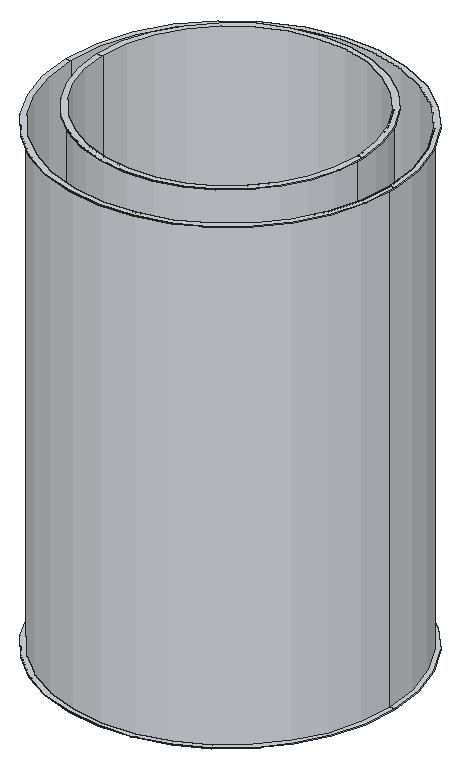
Revit family
Parameters (values of type "DW2447DWAJD-3")
  WALLTHICK = 9/256"  # constant formula
  OFFSET2 = 3"
  OFFSET = 1 1/2"  # constant formula
  Model = "DW2447DWAJD-3"
  Manufacturer = "CaptiveAire"
  FLANGETHICK = 1/16"
  FLANGERAD = DUCTINSIDERAD + 1/2"  # 12 1/2"
  FLANGEDIA = FLANGERAD * 2  # 25"
  Description = "24\" x 47\" Double-Straight-Vertical"
  DWFLANGERAD = DWDUCTINSIDERAD + 1/2"  # 15 1/2"
  DWDUCTRAD = DWDUCTINSIDERAD + WALLTHICK  # 15 9/256"
  DWDUCTINSIDERAD = DUCTINSIDERAD + OFFSET2  # 15"
  DUCTRAD = (DUCTDIA / 2)  # 12 9/256"
  DUCTINSIDERAD = 12"
  DUCTHEIGHT/2 [instance] = DUCTHEIGHT / 2  # 23 1/2"
  DUCTHEIGHT [instance] = 47"
  DUCTDIA = (DUCTINSIDERAD + WALLTHICK) * 2  # 24 9/128"
Types (14): name | OFFSET2 | Model | FLANGERAD | FLANGEDIA | Description | DWFLANGERAD | DWDUCTRAD | DWDUCTINSIDERAD | DUCTRAD | DUCTINSIDERAD | DUCTDIA
  (no name) | 3" | "DW2447DWAJD-3" | 12 1/2" | 25" | "24\" x 47\" Double-Straight-Vertical" | 15 1/2" | 15 9/256" | 15" | 12 9/256" | 12" | 24 9/128"
  DW0847DWAJD-3 | 3" | "DW0847DWAJD-3" | 4 1/2" | 9" | "8\" x 47\" Double Adjustable Vertical" | 7 1/2" | 7 9/256" | 7" | 4 9/256" | 4" | 8 9/128"
  DW0847DWAJD-2 | 2" | "DW0847DWAJD-2" | 4 1/2" | 9" | "8\" x 47\" Double Adjustable Vertical" | 6 1/2" | 6 9/256" | 6" | 4 9/256" | 4" | 8 9/128"
  DW1047DWAJD-3 | 3" | "DW1047DWAJD-3" | 5 1/2" | 11" | "10\" x 47\" Double Adjustable Vertical" | 8 1/2" | 8 9/256" | 8" | 5 9/256" | 5" | 10 9/128"
  DW1047DWAJD-2 | 2" | "DW1047DWAJD-2" | 5 1/2" | 11" | "10\" x 47\" Double Adjustable Vertical" | 7 1/2" | 7 9/256" | 7" | 5 9/256" | 5" | 10 9/128"
  DW1247DWAJD-3 | 3" | "DW1247DWAJD-3" | 6 1/2" | 13" | "12\" x 47\" Double Adjustable Vertical" | 9 1/2" | 9 9/256" | 9" | 6 9/256" | 6" | 12 9/128"
  DW1247DWAJD-2 | 2" | "DW1247DWAJD-2" | 6 1/2" | 13" | "12\" x 47\" Double Adjustable Vertical" | 8 1/2" | 8 9/256" | 8" | 6 9/256" | 6" | 12 9/128"
  DW1447DWAJD-3 | 3" | "DW1447DWAJD-3" | 7 1/2" | 15" | "14\" x 47\" Double Adjustable Vertical" | 10 1/2" | 10 9/256" | 10" | 7 9/256" | 7" | 14 9/128"
  DW1447DWAJD-2 | 2" | "DW1447DWAJD-2" | 7 1/2" | 15" | "14\" x 47\" Double Adjustable Vertical" | 9 1/2" | 9 9/256" | 9" | 7 9/256" | 7" | 14 9/128"
  DW1647DWAJD-2 | 2" | "DW1647DWAJD-2" | 8 1/2" | 17" | "16\" x 47\" Double Adjustable Vertical" | 10 1/2" | 10 9/256" | 10" | 8 9/256" | 8" | 16 9/128"
  DW1647DWAJD-3 | 3" | "DW1647DWAJD-3" | 8 1/2" | 17" | "16\" x 47\" Double Adjustable Vertical" | 11 1/2" | 11 9/256" | 11" | 8 9/256" | 8" | 16 9/128"
  DW1847DWAJD-3 | 3" | "DW1847DWAJD-3" | 9 1/2" | 19" | "18\" x 47\" Double Adjustable Vertical" | 12 1/2" | 12 9/256" | 12" | 9 9/256" | 9" | 18 9/128"
  DW2047DWAJD-3 | 3" | "DW2047DWAJD-3" | 10 1/2" | 21" | "20\" x 47\" Double Adjustable Vertical" | 13 1/2" | 13 9/256" | 13" | 10 9/256" | 10" | 20 9/128"
  DW2447DWAJD-3 | 3" | "DW2447DWAJD-3" | 12 1/2" | 25" | "24\" x 47\" Double-Straight-Vertical" | 15 1/2" | 15 9/256" | 15" | 12 9/256" | 12" | 24 9/128"
Reference planes (in)
  plane 1 "Center (Front/Back)": y = 0
  plane 2: z = 0
  plane 3 "Center (Left/Right)": z = 0
  plane 4: z = 47
  plane 5: x = 9.95082
  plane 6: x = -14.11949
  plane 7: x = 10.41566
  plane 8: x = 9.91566
  plane 9: z = 0.0625
  plane 10: z = 46.9375
  plane 11: x = -14.08434
  plane 12: z = 23.5
  plane 13: x = 12.91566
  plane 14: x = 13.41566
  plane 15: x = 12.95082
  plane 16: z = 1.5
  plane 17: z = 45.5
  plane 18: z = 45.4375
  plane 19: z = 1.5625
  plane 20: x = -2.08434
Forms (in)
  Revolve 1, solid
    sketch origin (0, 0, 0) x (1, 0, 0) y (0, 0, 1)
      loop
        line (9.91566, 47) -> (9.91566, 0) -> (10.41566, 0) -> (10.41566, 0.0625) -> (9.95082, 0.0625) -> (9.95082, 46.9375) -> (10.41566, 46.9375) -> (10.41566, 47) -> (9.91566, 47)
      axis (-2.08434, 0) -> (-2.08434, 47)
    angle from 0 to 360
  Revolve 2, solid
    sketch origin (0, 0, 0) x (1, 0, 0) y (0, 0, 1)
      loop
        line (13.41566, 45.5) -> (12.91566, 45.5) -> (12.91566, 1.5) -> (13.41566, 1.5) -> (13.41566, 1.5625) -> (12.95082, 1.5625) -> (12.95082, 45.4375) -> (13.41566, 45.4375) -> (13.41566, 45.5)
      axis (-2.08434, 1.5) -> (-2.08434, 45.5)
    angle from 0 to 360
Dimensions and locks (in)
  "DUCTDIA": plane 6 to plane 5
  "WALLTHICK": plane 8 to plane 5
  "WALLTHICK": plane 11 to plane 6
  "FLANGETHICK": plane 10 to plane 4
  "FLANGETHICK": plane 3 "Center (Left/Right)" to plane 9
  "DUCTHEIGHT": plane 3 "Center (Left/Right)" to plane 4
  "DUCTHEIGHT/2": plane 3 "Center (Left/Right)" to plane 12
  "OFFSET": plane 3 "Center (Left/Right)" to plane 16
  "OFFSET": plane 4 to plane 17
  "FLANGETHICK": plane 17 to plane 18
  "FLANGETHICK": plane 16 to plane 19
  equal spacing: plane 6, plane 20, plane 5
  "DWDUCTRAD": plane 20 to plane 15
  "DWDUCTINSIDERAD": plane 20 to plane 13
  "DWFLANGERAD": plane 20 to plane 14
  "FLANGERAD": plane 20 to plane 7
  aligned and locked: Revolve 1 sketch curve to plane 20
  aligned and locked: Revolve 1 sketch curve to plane 10
  aligned and locked: Revolve 1 sketch curve to plane 4
  aligned and locked: Revolve 1 sketch curve to Revolve 1 sketch curve
  aligned and locked: plane 7 to Revolve 1 sketch curve
  aligned and locked: Revolve 1 sketch curve to level
  aligned and locked: plane 9 to Revolve 1 sketch curve
  aligned and locked: Revolve 1 sketch curve to plane 5
  aligned and locked: Revolve 1 sketch curve to plane 8
  aligned and locked: Revolve 2 sketch curve to plane 20
  aligned and locked: plane 17 to Revolve 2 sketch curve
  aligned and locked: plane 18 to Revolve 2 sketch curve
  aligned and locked: Revolve 2 sketch curve to plane 14  (x2)
  aligned and locked: plane 15 to Revolve 2 sketch curve
  aligned and locked: Revolve 2 sketch curve to plane 13
  aligned and locked: plane 16 to Revolve 2 sketch curve
  aligned and locked: Revolve 2 sketch curve to plane 19
Automatic sketch dimensions
  plane 4 to Revolve 1 sketch curve = 5.05681"
  Revolve 1 sketch curve to Revolve 1 sketch curve = 6.60293"
  plane 4 to Revolve 2 sketch curve = 5.52347"
  Revolve 2 sketch curve to Revolve 2 sketch curve = 6.13627"
